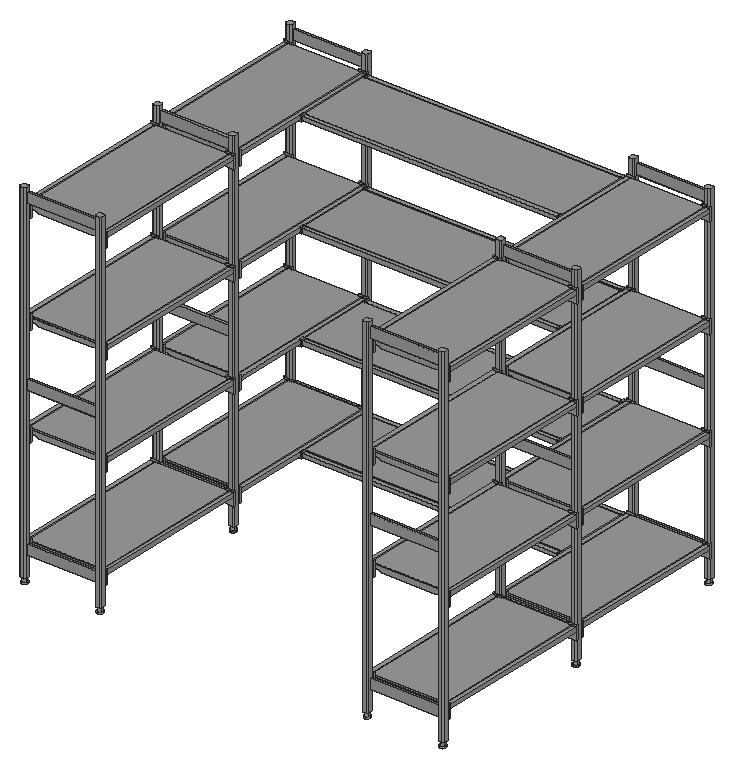
Revit family "QF_ELECTROLUXPROFESSIONAL_137096_CRS2016", category Attrezzature speciali, Revit 2020
Family settings
  Quota connettore circolare = Usa diametro
  Tipo di parte = Normale
  Basato su piano di lavoro = No
  Sempre verticale = Sì
  Taglio con vuoti quando caricato = No
  Condiviso = No
  Punto di calcolo locali = No
Parameters (values of type "Standard")
  Weight = 75.00 kg
  Watts = 0 W
  Volts = 0 V
  URL Manufacturer = "https://www.electroluxprofessional.com/"
  URL = "https://www.electroluxprofessional.com/"
  Steam Supply Size = 0 mm
  Steam Supply Minimum Pressure = 0.0 Pa
  Steam Supply Maximum Pressure = 0.0 Pa
  Steam Consumption per Hour = 0
  Refrigeration Suction Line Size = 0 mm
  Refrigeration Liquid Line Size = 0 mm
  Refrigerant Compressor Remote = yes
  Prospetto di default = 0 mm
  Produttore = "Electrolux Professional"
  Phase = 0
  Modello = "CRS2016"
  Length Actual = 708 mm  # constant formula
  Item Number = "137096"
  Hot Water Size = 0 mm
  Height Actual = 1550 mm  # constant formula
  HP = "0 HP"
  Gas Size = 0 mm
  Gas KW = 0
  Gas Input Pressure = 0 W
  Direct Waste Size = 0 mm
  Descrizione = "ALUM.SHELV.,POLY.TIERS-COLDROOM 203X163"
  Depth Actual = 373 mm  # constant formula
  Cycle = 0 Hz
  Condensate Return Size = 0 mm
  Compressed Air Volume = 0.0 L/s
  Compressed Air Size = 0 mm
  Compressed Air Pressure = 0.0 Pa
  Cold Water Size = 0 mm
  Accessory = yes
Reference planes
  plane 1 "Center (Front/Back)": y = 0
  plane 2: z = 0
  plane 3 "Center (Left/Right)": x = 0
  plane 4: x = -1015
  plane 5: y = 815
  plane 6: y = -815
  plane 7: x = 1015
  plane 8: x = -953
  plane 9: x = 953
  plane 10: y = 758
  plane 11: y = -758
Forms (mm)
  Extrusion 1, solid, material "QF_Clearances", detail levels coarse
    sketch origin (0, 0, 0) x (1, 0, 0) y (0, 1, 0)
      loop
        line (-1015, -815) -> (1015, -815) -> (1015, 815) -> (-1015, 815) -> (-1015, -815)
      loop
        line (953, -758) -> (953, 758) -> (-953, 758) -> (-953, -758) -> (953, -758)
    from 0 to 1590
Lines and regions (mm)
  symbolic lines, style "QF_Clearances"
    curve 1: line (-1015, 815, 0) -> (-1015, -815, 0)
    curve 2: line (1015, 815, 0) -> (-1015, 815, 0)
    curve 3: line (1015, -815, 0) -> (1015, 815, 0)
Dimensions and locks
  equal spacing: plane 5, plane 1 "Center (Front/Back)", plane 6
  plane 5 to plane 6 = 1630 mm
  equal spacing: plane 4, plane 3 "Center (Left/Right)", plane 7
  plane 4 to plane 7 = 2030 mm
  plane 4 to plane 8 = 62 mm
  plane 8 to plane 9 = 1906 mm
  plane 11 to plane 6 = 57 mm
  plane 10 to plane 11 = 1516 mm
  aligned and locked: level to plane 2
  aligned and locked: plane 4 to Extrusion 1 sketch curve
  aligned and locked: Extrusion 1 sketch curve to plane 5
  aligned and locked: Extrusion 1 sketch curve to plane 7
  aligned and locked: Extrusion 1 sketch curve to plane 8
  aligned and locked: plane 10 to Extrusion 1 sketch curve
  aligned and locked: plane 9 to Extrusion 1 sketch curve
  aligned and locked: Extrusion 1 sketch curve to plane 11
  aligned and locked: Extrusion 1 sketch curve to plane 6
Automatic sketch dimensions
  curve 1 to plane 4 = 0 mm
  curve 2 to plane 5 = 0 mm
  curve 2 to plane 7 = 0 mm
  curve 1 to plane 6 = 0 mm
  curve 3 to plane 6 = 0 mm
Nested families
  nested 1: "QF_708" at (-930, 403, 0) x (0, 1, 0) z (0, 0, 1), type "QF_708"
  nested 2: "QF_708" at (-930, -341, 0) x (0, 1, 0) z (0, 0, 1), type "QF_708"
  nested 3: "QF_708" at (930, 403, 0) x (0, 1, 0) z (0, 0, 1), type "QF_708"
  nested 4: "QF_708" at (930, -341, 0) x (0, 1, 0) z (0, 0, 1), type "QF_708"
  nested 5: "QF_1152G2" at (-58.5, 505.696, 0) x (0, -1, 0) z (0, 0, 1), type "QF_1152G2"
Definition of nested family "QF_708"
  Parameters
    Default Elevation = 0 mm
    Model = "137010"
    Manufacturer = "Electrolux Professional"
    Description = ""
  Reference planes
    plane 1: z = 0
    plane 2 "Center (Left/Right)": x = -31
    plane 3 "LEFT": x = -417
    plane 4 "RIGHT": x = 355
    plane 5 "BACK": y = 23
    plane 6 "FRONT": y = -350
    plane 7 "TOP": z = 1700
    plane 8: x = 350
    plane 9: x = -385
    plane 10: x = 323
    plane 11 "Center (Front/Back)": y = -163.5
    plane 12: x = 318
    plane 13: y = -8.5
    plane 14: y = -318.5
    plane 15 "FEET": z = 25
    plane 16: z = 140
    plane 17: z = 590
    plane 18: z = 1040
    plane 19: z = 1490
    plane 20 "CXLeft": x = -403
    plane 21 "CXRight": x = 341
    plane 22: y = 5.5
    plane 23 "CYBack": y = 5.5
    plane 24 "CYFront": y = -332.5
  Forms (mm)
    Extrusion 1, solid
      sketch origin (-417, 0, 0) x (0, 1, 0) y (0, 0, 1)
        loop
          line (4, 1515.994) -> (4, 1497.998) -> (23, 1497.998) -> (23, 1515.994) -> (4, 1515.994)
        loop
          line (-331, 1515.994) -> (-350, 1515.994) -> (-350, 1497.998) -> (-331, 1497.998) -> (-331, 1515.994)
        loop
          line (4, 1065.994) -> (4, 1047.998) -> (23, 1047.998) -> (23, 1065.994) -> (4, 1065.994)
        loop
          line (-331, 1065.994) -> (-350, 1065.994) -> (-350, 1047.998) -> (-331, 1047.998) -> (-331, 1065.994)
        loop
          line (4, 615.994) -> (4, 597.998) -> (23, 597.998) -> (23, 615.994) -> (4, 615.994)
        loop
          line (-331, 615.994) -> (-350, 615.994) -> (-350, 597.998) -> (-331, 597.998) -> (-331, 615.994)
        loop
          line (4, 165.994) -> (4, 147.998) -> (23, 147.998) -> (23, 165.994) -> (4, 165.994)
        loop
          line (-331, 165.994) -> (-350, 165.994) -> (-350, 147.998) -> (-331, 147.998) -> (-331, 165.994)
      from 32 to 740
    Extrusion 2, solid
      sketch origin (-417, 0, 135) x (0, 1, 0) y (0, 0, 1)
        loop
          line (2.007, 1380.994) -> (-329, 1380.994) -> (-329, 1374.496) -> (2.007, 1374.496) -> (2.007, 1380.994)
        loop
          line (2.007, 930.994) -> (-329, 930.994) -> (-329, 924.496) -> (2.007, 924.496) -> (2.007, 930.994)
        loop
          line (2.007, 480.994) -> (-329, 480.994) -> (-329, 474.496) -> (2.007, 474.496) -> (2.007, 480.994)
        loop
          line (2.007, 30.994) -> (-329, 30.994) -> (-329, 24.496) -> (2.007, 24.496) -> (2.007, 30.994)
      from 32 to 740
    Extrusion 3, solid
      sketch origin (355, 0, 135) x (0, 1, 0) y (0, 0, 1)
        loop
          line (-12, 1362.998) -> (4, 1362.998) -> (4, 1380.994) -> (2.007, 1380.994) -> (2.007, 1374.496) -> (-329, 1374.496) -> (-329, 1380.994) -> (-331, 1380.994) -> (-331, 1362.998) -> (-315, 1362.998) -> (-281, 1350.994) -> (-46, 1350.994) -> (-12, 1362.998)
        loop
          line (-12, 912.998) -> (4, 912.998) -> (4, 930.994) -> (2.007, 930.994) -> (2.007, 924.496) -> (-329, 924.496) -> (-329, 930.994) -> (-331, 930.994) -> (-331, 912.998) -> (-315, 912.998) -> (-281, 900.994) -> (-46, 900.994) -> (-12, 912.998)
        loop
          line (-12, 462.998) -> (4, 462.998) -> (4, 480.994) -> (2.007, 480.994) -> (2.007, 474.496) -> (-329, 474.496) -> (-329, 480.994) -> (-331, 480.994) -> (-331, 462.998) -> (-315, 462.998) -> (-281, 450.994) -> (-46, 450.994) -> (-12, 462.998)
        loop
          line (-12, 12.998) -> (4, 12.998) -> (4, 30.994) -> (2.007, 30.994) -> (2.007, 24.496) -> (-329, 24.496) -> (-329, 30.994) -> (-331, 30.994) -> (-331, 12.998) -> (-315, 12.998) -> (-281, 0.994) -> (-46, 0.994) -> (-12, 12.998)
      from -32 to -37
  Lines and regions (mm)
    symbolic lines
      curve 1: line (323, 4, 1700) -> (-385, 4, 1700)
      curve 2: line (-389, 23, 1700) -> (327, 23, 1700)
      curve 3: line (327, 13.246, 1700) -> (333.254, 19.5, 1700)
      curve 4: line (333.254, -8.5, 1700) -> (327, -2.246, 1700)
      curve 5: line (333.254, -318.5, 1700) -> (327, -324.754, 1700)
      curve 6: line (-389, -350, 1700) -> (327, -350, 1700)
      curve 7: line (327, 23, 1700) -> (327, -12.993, 1700)
      curve 8: line (327, -12.993, 1700) -> (323, -12.993, 1700)
      curve 9: line (327, -350, 1700) -> (327, -314.007, 1700)
      curve 10: line (327, -314.007, 1700) -> (323, -314.007, 1700)
      curve 11: line (-385, -12.993, 1700) -> (-385, -314.007, 1700)
      curve 12: line (-385, -331, 1700) -> (323, -331, 1700)
      curve 13: line (323, -12.993, 1700) -> (323, -314.007, 1700)
  Dimensions and locks
    locked: plane 3 "LEFT" to plane 4 "RIGHT" at 772
    equal spacing: plane 3 "LEFT", plane 2 "Center (Left/Right)", plane 4 "RIGHT"
    locked: plane 7 "TOP" to level at 1700
    locked: plane 5 "BACK" to plane 6 "FRONT" at 373
    locked: plane 4 "RIGHT" to plane 8 at 5
    locked: plane 9 to plane 10 at 708
    locked: plane 3 "LEFT" to plane 9 at 32
    plane 12 to plane 10 = 5 mm
    locked: plane 13 to plane 14 at 310
    equal spacing: plane 13, plane 11 "Center (Front/Back)", plane 14
    equal spacing: plane 5 "BACK", plane 11 "Center (Front/Back)", plane 6 "FRONT"
    plane 15 "FEET" to level = 25 mm
    plane 7 "TOP" to plane 15 "FEET" = 1675 mm
    plane 17 to plane 16 = 450 mm
    plane 18 to plane 17 = 450 mm
    plane 19 to plane 18 = 450 mm
    locked: plane 3 "LEFT" to plane 20 "CXLeft" at 14
    locked: plane 21 "CXRight" to plane 4 "RIGHT" at 14
    locked: plane 5 "BACK" to plane 23 "CYBack" at 17.5
    locked: plane 24 "CYFront" to plane 6 "FRONT" at 17.5
    plane 16 to level = 140 mm
    plane 17 to level = 590 mm
    plane 18 to level = 1040 mm
    plane 19 to level = 1490 mm
    aligned and locked: level to plane 1
    aligned and locked: plane 9 to Extrusion 2
    aligned and locked: Extrusion 2 to plane 10
    aligned and locked: plane 9 to Extrusion 1
    aligned and locked: Extrusion 1 to plane 10
    aligned and locked: Extrusion 1 sketch curve to Extrusion 1 sketch curve  (x2)
    aligned and locked: Extrusion 3 sketch curve to Extrusion 3 sketch curve  (x3)
    aligned and locked: Extrusion 3 to plane 12
    aligned and locked: Extrusion 3 to plane 10
    aligned and locked: plane 20 "CXLeft" to nested 1
    aligned and locked: plane 21 "CXRight" to nested 2
  Automatic sketch dimensions
    Extrusion 1 sketch curve to plane 6 "FRONT" = 0 mm  (x4)
    Extrusion 1 sketch curve to plane 5 "BACK" = 0 mm  (x4)
    plane 24 "CYFront" to Extrusion 1 sketch curve = 1.5 mm  (x2)
    plane 22 to Extrusion 1 sketch curve = 1.5 mm  (x4)
    plane 16 to Extrusion 1 sketch curve = 7.998 mm  (x2)
    Extrusion 1 sketch curve to Extrusion 1 sketch curve = 17.997 mm  (x8)
    plane 17 to Extrusion 1 sketch curve = 7.998 mm  (x2)
    plane 18 to Extrusion 1 sketch curve = 7.998 mm  (x2)
    plane 19 to Extrusion 1 sketch curve = 7.998 mm  (x2)
    plane 24 "CYFront" to Extrusion 2 sketch curve = 3.5 mm  (x4)
    plane 22 to Extrusion 2 sketch curve = 3.493 mm  (x4)
    plane 16 to Extrusion 2 sketch curve = 19.496 mm
    Extrusion 2 sketch curve to Extrusion 2 sketch curve = 6.499 mm  (x4)
    plane 17 to Extrusion 2 sketch curve = 19.496 mm
    plane 18 to Extrusion 2 sketch curve = 19.496 mm
    plane 19 to Extrusion 2 sketch curve = 19.496 mm
    plane 24 "CYFront" to Extrusion 3 sketch curve = 1.5 mm  (x4)
    Extrusion 3 sketch curve to Extrusion 3 sketch curve = 2 mm
    plane 14 to Extrusion 3 sketch curve = 3.5 mm  (x4)
    Extrusion 3 sketch curve to plane 16 = 4.006 mm
    Extrusion 3 sketch curve to Extrusion 3 sketch curve = 34 mm  (x4)
    Extrusion 3 sketch curve to plane 17 = 4.006 mm
    Extrusion 3 sketch curve to plane 18 = 4.006 mm
    Extrusion 3 sketch curve to plane 19 = 4.006 mm
    Extrusion 3 sketch curve to plane 13 = 37.5 mm  (x4)
    Extrusion 3 sketch curve to plane 13 = 3.5 mm  (x4)
    plane 22 to Extrusion 3 sketch curve = 3.493 mm  (x4)
    plane 22 to Extrusion 3 sketch curve = 1.5 mm  (x4)
    plane 16 to Extrusion 3 sketch curve = 7.998 mm  (x2)
    Extrusion 3 sketch curve to Extrusion 3 sketch curve = 11.498 mm  (x4)
    Extrusion 3 sketch curve to Extrusion 3 sketch curve = 6.499 mm  (x8)
    plane 17 to Extrusion 3 sketch curve = 7.998 mm  (x2)
    plane 18 to Extrusion 3 sketch curve = 7.998 mm  (x2)
    plane 19 to Extrusion 3 sketch curve = 7.998 mm  (x2)
    curve 6 to plane 6 "FRONT" = 0 mm
    curve 12 to plane 9 = 0 mm
    curve 12 to plane 10 = 0 mm
    curve 5 to plane 14 = 0 mm
    curve 11 to plane 9 = 0 mm
    curve 8 to plane 10 = 0 mm
    curve 4 to plane 13 = 0 mm
    curve 1 to plane 9 = 0 mm
    curve 1 to plane 10 = 0 mm
    curve 2 to plane 5 "BACK" = 0 mm
    plane 14 to curve 10 = 4.493 mm
    curve 7 to plane 13 = 4.493 mm
    curve 10 to plane 10 = 4 mm
    curve 7 to plane 10 = 4 mm
    plane 24 "CYFront" to curve 12 = 1.5 mm
    curve 5 to plane 14 = 6.254 mm
    plane 14 to curve 11 = 4.493 mm
    curve 11 to plane 13 = 4.493 mm
    plane 13 to curve 4 = 6.254 mm
    plane 22 to curve 1 = 1.5 mm
    curve 3 to plane 22 = 7.746 mm
    curve 3 to plane 5 "BACK" = 3.5 mm
    curve 5 to curve 9 = 6.254 mm
    curve 3 to curve 2 = 6.254 mm
    curve 4 to curve 7 = 6.254 mm
    plane 9 to curve 2 = 4 mm
    plane 9 to curve 6 = 4 mm
  Nested families
    nested 1: "WT_Anta373B" at (0, 0, 0), type "WT_Anta373B"
    nested 2: "WT_Anta373B" at (-62, 0, 0) x (-1, 0, 0) z (0, 0, 1), type "WT_Anta373B"
  Definition of nested family "WT_Anta373B"
    Parameters
      WidthLeft = A + 64 mm  # 772 mm
      Width = 1606 mm
      Right = WidthLeft / 2  # 386 mm
      Default Elevation = 0 mm
      Left = -WidthLeft / 2  # -386 mm
      Height = 1590 mm
      FEET = 25 mm
      E = 0 mm
      Dint = Depth - 63 mm  # 310 mm
      Dext = Depth - 8 mm  # 365 mm
      Depth = 373 mm
      DX = (WidthLeft - A) / 2  # 32 mm
      B = 798 mm
      A = 708 mm
    Reference planes
      plane 1: z = 0
      plane 2 "LEFT": x = -417
      plane 3 "BACK": y = 23
      plane 4 "FRONT": y = -350
      plane 5 "TOP": z = 1590
      plane 6 "Center (Front/Back)": y = -163.5
      plane 7: y = -8.5
      plane 8: y = -318.5
      plane 9 "FEET": z = 25
      plane 10: z = 140
      plane 11: z = 590
      plane 12: z = 1040
      plane 13: z = 1490
      plane 14 "CXLeft": x = -403
      plane 15: y = 5.5
      plane 16 "CYBack": y = 5.5
      plane 17 "CYFront": y = -332.5
      plane 18: x = -385.031
      plane 19: x = -380.031
    Forms (mm)
      Extrusion 1, solid
        sketch origin (0, 0, 0) x (1, 0, 0) y (0, 1, 0)
          loop
            line (-417, 13.246) -> (-417, -2.246) -> (-410.746, -8.5) -> (-395.254, -8.5) -> (-389, -2.246) -> (-389, 13.246) -> (-395.254, 19.5) -> (-410.746, 19.5) -> (-417, 13.246)
        from 1590 to 25
      Extrusion 2, solid
        sketch origin (-417, 0, 0) x (0, 1, 0) y (0, 0, 1)
          loop
            line (23, 111.005) -> (23, 172.993) -> (-12.993, 172.993) -> (-12.993, 111.005) -> (23, 111.005)
          loop
            line (-350, 111.005) -> (-314.007, 111.005) -> (-314.007, 172.993) -> (-350, 172.993) -> (-350, 111.005)
          loop
            line (23, 561.005) -> (23, 622.993) -> (-12.993, 622.993) -> (-12.993, 561.005) -> (23, 561.005)
          loop
            line (-350, 561.005) -> (-314.007, 561.005) -> (-314.007, 622.993) -> (-350, 622.993) -> (-350, 561.005)
          loop
            line (23, 1011.005) -> (23, 1072.993) -> (-12.993, 1072.993) -> (-12.993, 1011.005) -> (23, 1011.005)
          loop
            line (-350, 1011.005) -> (-314.007, 1011.005) -> (-314.007, 1072.993) -> (-350, 1072.993) -> (-350, 1011.005)
          loop
            line (23, 1461.005) -> (23, 1522.993) -> (-12.993, 1522.993) -> (-12.993, 1461.005) -> (23, 1461.005)
          loop
            line (-350, 1461.005) -> (-314.007, 1461.005) -> (-314.007, 1522.993) -> (-350, 1522.993) -> (-350, 1461.005)
        from 28 to 32
      Revolve 3, solid
        sketch origin (-403, 0, 0) x (0, 1, 0) y (0, 0, 1)
          loop
            line (5.5, 25) -> (5.5, 0) -> (19, 0) -> (19, 5) -> (14, 5) -> (14, 25) -> (5.5, 25)
          axis (5.5, 25) -> (5.5, 0)
        angle from 0 to 360
      Extrusion 4, solid
        sketch origin (-403, 0, 0) x (0, 1, 0) y (0, 0, 1)
          loop
            line (-8.5, 777.382) -> (-8.5, 822.374) -> (-318.5, 822.374) -> (-318.5, 777.382) -> (-8.5, 777.382)
          loop
            line (-8.5, 1527.244) -> (-8.5, 1572.236) -> (-318.5, 1572.236) -> (-318.5, 1527.244) -> (-8.5, 1527.244)
        from -5 to 5
      Revolve 5, solid
        sketch origin (-403, -627, 0) x (0, -1, 0) y (0, 0, 1)
          loop
            line (-294.5, 25) -> (-294.5, 0) -> (-281, 0) -> (-281, 5) -> (-286, 5) -> (-286, 25) -> (-294.5, 25)
          axis (-294.5, 25) -> (-294.5, 0)
        angle from 0 to 360
      Extrusion 6, solid
        sketch origin (0, -627, 0) x (1, 0, 0) y (0, 1, 0)
          loop
            line (-417, 286.754) -> (-410.746, 280.5) -> (-395.254, 280.5) -> (-389, 286.754) -> (-389, 302.246) -> (-395.254, 308.5) -> (-410.746, 308.5) -> (-417, 302.246) -> (-417, 286.754)
        from 1590 to 25
      Extrusion 7, solid
        sketch origin (-417.031, -0.022, 0) x (0, 1, 0) y (0, 0, -1)
          loop
            line (-12, -1497.998) -> (-46, -1485.994) -> (-281, -1485.994) -> (-315, -1497.998) -> (-331, -1497.998) -> (-331, -1515.994) -> (-329, -1515.994) -> (-329, -1509.496) -> (2.007, -1509.496) -> (2.007, -1515.994) -> (4, -1515.994) -> (4, -1497.998) -> (-12, -1497.998)
          loop
            line (-12, -1047.998) -> (-46, -1035.994) -> (-281, -1035.994) -> (-315, -1047.998) -> (-331, -1047.998) -> (-331, -1065.994) -> (-329, -1065.994) -> (-329, -1059.496) -> (2.007, -1059.496) -> (2.007, -1065.994) -> (4, -1065.994) -> (4, -1047.998) -> (-12, -1047.998)
          loop
            line (-12, -597.998) -> (-46, -585.994) -> (-281, -585.994) -> (-315, -597.998) -> (-331, -597.998) -> (-331, -615.994) -> (-329, -615.994) -> (-329, -609.496) -> (2.007, -609.496) -> (2.007, -615.994) -> (4, -615.994) -> (4, -597.998) -> (-12, -597.998)
          loop
            line (-12, -147.998) -> (-46, -135.994) -> (-281, -135.994) -> (-315, -147.998) -> (-331, -147.998) -> (-331, -165.994) -> (-329, -165.994) -> (-329, -159.496) -> (2.007, -159.496) -> (2.007, -165.994) -> (4, -165.994) -> (4, -147.998) -> (-12, -147.998)
        from -32 to -37
      Extrusion 8, solid
        sketch origin (-403, 0, -659.878) x (0, 1, 0) y (0, 0, 1)
          loop
            line (-8.5, 777.382) -> (-8.5, 822.374) -> (-318.5, 822.374) -> (-318.5, 777.382) -> (-8.5, 777.382)
          loop
            line (-8.5, 1437.382) -> (-8.5, 1482.374) -> (-318.5, 1482.374) -> (-318.5, 1437.382) -> (-8.5, 1437.382)
          loop
            line (-8.5, 2187.382) -> (-8.5, 2232.374) -> (-318.5, 2232.374) -> (-318.5, 2187.382) -> (-8.5, 2187.382)
        from -5 to 5
    Lines and regions (mm)
      symbolic lines
        curve 1: line (-408, -8.5, 1590) -> (-408, -318.5, 1590)
        curve 2: line (-398, -318.5, 1590) -> (-398, -8.5, 1590)
        curve 3: line (-395.254, -8.5, 1590) -> (-410.746, -8.5, 1590)
        curve 4: line (-417, -2.246, 1590) -> (-410.746, -8.5, 1590)
        curve 5: line (-417, 13.246, 1590) -> (-417, -2.246, 1590)
        curve 6: line (-410.746, 19.5, 1590) -> (-417, 13.246, 1590)
        curve 7: line (-395.254, 19.5, 1590) -> (-410.746, 19.5, 1590)
        curve 8: line (-389, 13.246, 1590) -> (-395.254, 19.5, 1590)
        curve 9: line (-395.254, -8.5, 1590) -> (-389, -2.246, 1590)
        curve 10: line (-395.254, -318.5, 1590) -> (-410.746, -318.5, 1590)
        curve 11: line (-417, -324.754, 1590) -> (-410.746, -318.5, 1590)
        curve 12: line (-410.746, -346.5, 1590) -> (-417, -340.246, 1590)
        curve 13: line (-395.254, -346.5, 1590) -> (-410.746, -346.5, 1590)
        curve 14: line (-389, -340.246, 1590) -> (-395.254, -346.5, 1590)
        curve 15: line (-395.254, -318.5, 1590) -> (-389, -324.754, 1590)
        curve 16: line (-389, -350, 1590) -> (-389, -314.007, 1590)
        curve 17: line (-389, -314.007, 1590) -> (-385, -314.007, 1590)
        curve 18: line (-389, 23, 1590) -> (-389, -12.993, 1590)
        curve 19: line (-389, -12.993, 1590) -> (-385, -12.993, 1590)
        curve 20: line (-417, -324.754, 1590) -> (-417, -340.246, 1590)
        curve 21: line (-385, -350, 1590) -> (-385, -314.007, 1590)
        curve 22: line (-385, -350, 1590) -> (-389, -350, 1590)
        curve 23: line (-385, 23, 1590) -> (-389, 23, 1590)
        curve 24: line (-385, -12.993, 1590) -> (-385, 23, 1590)
        curve 25: line (-385.031, -13.016, 1725) -> (-385.031, -314.029, 1725)
    Dimensions and locks
      "Depth": plane 3 "BACK" to plane 4 "FRONT"
      "Dint": plane 7 to plane 8
      equal spacing: plane 7, plane 6 "Center (Front/Back)", plane 8
      equal spacing: plane 3 "BACK", plane 6 "Center (Front/Back)", plane 4 "FRONT"
      plane 9 "FEET" to level = 25 mm
      plane 10 to plane 9 "FEET" = 115 mm
      plane 11 to plane 10 = 450 mm
      plane 12 to plane 11 = 450 mm
      plane 13 to plane 12 = 450 mm
      locked: plane 2 "LEFT" to plane 14 "CXLeft" at 14
      locked: plane 3 "BACK" to plane 16 "CYBack" at 17.5
      locked: plane 17 "CYFront" to plane 4 "FRONT" at 17.5
      locked: Revolve 3 sketch curve to Revolve 3 sketch curve at 8.5
      locked: Revolve 3 sketch curve to plane 16 "CYBack" at 13.5
      locked: Revolve 5 sketch curve to Revolve 5 sketch curve at 8.5
      plane 10 to level = 140 mm
      plane 11 to level = 590 mm
      plane 12 to level = 1040 mm
      plane 13 to level = 1490 mm
      "Height": plane 5 "TOP" to level
      aligned and locked: level to plane 1
      aligned and locked: curve 20 to Extrusion 6
      aligned and locked: plane 5 "TOP" to Extrusion 1
      aligned and locked: plane 5 "TOP" to Extrusion 6
      aligned and locked: Extrusion 7 sketch curve to Extrusion 7 sketch curve  (x3)
    Automatic sketch dimensions
      curve 16 to plane 4 "FRONT" = 0 mm
      curve 11 to plane 8 = 0 mm
      curve 9 to plane 7 = 0 mm
      curve 5 to plane 2 "LEFT" = 0 mm
      curve 23 to plane 3 "BACK" = 0 mm
      plane 4 "FRONT" to curve 13 = 3.5 mm
      curve 20 to plane 17 "CYFront" = 7.746 mm
      curve 20 to plane 8 = 6.254 mm
      plane 8 to curve 16 = 4.493 mm
      curve 24 to plane 18 = 0.031 mm
      curve 24 to plane 7 = 4.493 mm
      plane 7 to curve 5 = 6.254 mm
      curve 5 to plane 15 = 7.746 mm
      curve 6 to plane 3 "BACK" = 3.5 mm
      curve 21 to plane 18 = 0.031 mm
      plane 18 to curve 23 = 3.969 mm
      plane 18 to curve 16 = 3.969 mm
      curve 18 to curve 8 = 6.254 mm
      curve 18 to curve 3 = 6.254 mm
      curve 16 to curve 13 = 6.254 mm
      curve 16 to curve 15 = 6.254 mm
      plane 2 "LEFT" to curve 10 = 6.254 mm
      plane 2 "LEFT" to curve 7 = 6.254 mm
      plane 2 "LEFT" to curve 12 = 6.254 mm
      plane 2 "LEFT" to curve 3 = 6.254 mm
      curve 14 to plane 17 "CYFront" = 7.746 mm
      curve 15 to plane 8 = 6.254 mm
      plane 7 to curve 9 = 6.254 mm
      curve 8 to plane 15 = 7.746 mm
      curve 3 to curve 2 = 2.746 mm
      curve 1 to curve 10 = 2.746 mm
      Extrusion 1 sketch curve to plane 2 "LEFT" = 0 mm
      Extrusion 1 sketch curve to plane 7 = 0 mm
      plane 2 "LEFT" to Extrusion 1 sketch curve = 6.254 mm  (x2)
      plane 14 "CXLeft" to Extrusion 1 sketch curve = 7.746 mm  (x2)
      Extrusion 1 sketch curve to plane 3 "BACK" = 3.5 mm
      plane 18 to Extrusion 1 sketch curve = 3.969 mm
      plane 7 to Extrusion 1 sketch curve = 6.254 mm  (x2)
      Extrusion 1 sketch curve to plane 15 = 7.746 mm  (x2)
      Extrusion 2 sketch curve to plane 4 "FRONT" = 0 mm  (x4)
      Extrusion 2 sketch curve to plane 3 "BACK" = 0 mm  (x4)
      plane 8 to Extrusion 2 sketch curve = 4.493 mm  (x4)
      Extrusion 2 sketch curve to plane 7 = 4.493 mm  (x4)
      Extrusion 2 sketch curve to plane 10 = 28.995 mm  (x2)
      plane 10 to Extrusion 2 sketch curve = 32.993 mm  (x2)
      Extrusion 2 sketch curve to plane 11 = 28.995 mm  (x2)
      plane 11 to Extrusion 2 sketch curve = 32.993 mm  (x2)
      Extrusion 2 sketch curve to plane 12 = 28.995 mm  (x2)
      plane 12 to Extrusion 2 sketch curve = 32.993 mm  (x2)
      Extrusion 2 sketch curve to plane 13 = 28.995 mm  (x2)
      plane 13 to Extrusion 2 sketch curve = 32.993 mm  (x2)
      Revolve 3 sketch curve to plane 9 "FEET" = 0 mm  (x2)
      Revolve 3 sketch curve to plane 15 = 0 mm  (x2)
      Revolve 3 sketch curve to level = 0 mm
      level to Revolve 3 sketch curve = 5 mm
      Revolve 3 sketch curve to Revolve 3 sketch curve = 11.655 mm
      Extrusion 4 sketch curve to plane 8 = 0 mm  (x2)
      Extrusion 4 sketch curve to plane 7 = 0 mm  (x2)
      plane 11 to Extrusion 4 sketch curve = 187.382 mm
      Extrusion 4 sketch curve to Extrusion 4 sketch curve = 44.992 mm
      plane 13 to Extrusion 4 sketch curve = 37.244 mm
      Extrusion 4 sketch curve to plane 5 "TOP" = 17.764 mm
      Revolve 5 sketch curve to plane 9 "FEET" = 0 mm  (x2)
      Revolve 5 sketch curve to plane 17 "CYFront" = 0 mm  (x2)
      Revolve 5 sketch curve to level = 0 mm
      Revolve 5 sketch curve to plane 4 "FRONT" = 4 mm
      Revolve 5 sketch curve to Revolve 5 sketch curve = 5 mm
      level to Revolve 5 sketch curve = 11.655 mm
      Extrusion 6 sketch curve to plane 2 "LEFT" = 0 mm
      Extrusion 6 sketch curve to plane 8 = 0 mm
      Extrusion 6 sketch curve to plane 2 "LEFT" = 6.254 mm  (x2)
      Extrusion 6 sketch curve to plane 14 "CXLeft" = 7.746 mm  (x2)
      Extrusion 6 sketch curve to plane 4 "FRONT" = 3.5 mm
      Extrusion 6 sketch curve to plane 18 = 3.969 mm
      plane 8 to Extrusion 6 sketch curve = 6.254 mm  (x2)
      plane 17 "CYFront" to Extrusion 6 sketch curve = 7.746 mm  (x2)
      plane 17 "CYFront" to Extrusion 7 sketch curve = 1.478 mm  (x4)
      Extrusion 7 sketch curve to Extrusion 7 sketch curve = 2 mm
      plane 8 to Extrusion 7 sketch curve = 3.478 mm  (x4)
      Extrusion 7 sketch curve to plane 10 = 4.006 mm
      Extrusion 7 sketch curve to Extrusion 7 sketch curve = 34 mm  (x4)
      Extrusion 7 sketch curve to plane 11 = 4.006 mm
      Extrusion 7 sketch curve to plane 12 = 4.006 mm
      Extrusion 7 sketch curve to plane 13 = 4.006 mm
      Extrusion 7 sketch curve to plane 7 = 37.522 mm  (x4)
      Extrusion 7 sketch curve to plane 7 = 3.522 mm  (x4)
      plane 15 to Extrusion 7 sketch curve = 3.516 mm  (x4)
      plane 15 to Extrusion 7 sketch curve = 1.522 mm  (x4)
      plane 13 to Extrusion 7 sketch curve = 7.998 mm  (x2)
      Extrusion 7 sketch curve to Extrusion 7 sketch curve = 11.498 mm
      Extrusion 7 sketch curve to Extrusion 7 sketch curve = 6.499 mm  (x5)
      plane 12 to Extrusion 7 sketch curve = 25.994 mm  (x2)
      plane 12 to Extrusion 7 sketch curve = 7.998 mm  (x2)
      plane 11 to Extrusion 7 sketch curve = 25.994 mm  (x2)
      plane 11 to Extrusion 7 sketch curve = 7.998 mm  (x2)
      plane 10 to Extrusion 7 sketch curve = 25.994 mm  (x2)
      plane 10 to Extrusion 7 sketch curve = 7.998 mm  (x2)
      curve 25 to plane 18 = 0 mm
      plane 8 to curve 25 = 4.471 mm
      curve 25 to plane 7 = 4.516 mm
      Extrusion 8 sketch curve to plane 8 = 0 mm  (x3)
      Extrusion 8 sketch curve to plane 7 = 0 mm  (x3)
      Extrusion 8 sketch curve to plane 10 = 22.496 mm
      plane 10 to Extrusion 8 sketch curve = 22.496 mm
      plane 11 to Extrusion 8 sketch curve = 187.504 mm
      Extrusion 8 sketch curve to Extrusion 8 sketch curve = 44.992 mm
      plane 13 to Extrusion 8 sketch curve = 37.504 mm
      Extrusion 8 sketch curve to plane 5 "TOP" = 17.504 mm
Definition of nested family "QF_1152G2"
  Parameters
    Default Elevation = 0 mm
    Model = "137035"
    Manufacturer = "Electrolux Professional"
    Description = ""
  Reference planes
    plane 1: z = 0
    plane 2 "Center (F/B)": y = -163.5
    plane 3 "Front": y = -549.5
    plane 4 "Left": x = -217.5
    plane 5 "Right": x = 155.5
    plane 6 "TOP": z = 1700
    plane 7: y = -517.5
    plane 8: y = 634.5
    plane 9 "Center (Left/Right)": x = -31
    plane 10: y = 629.5
    plane 11: x = -186
    plane 12: x = 124
    plane 13 "FEET": z = 25
    plane 14: z = 140
    plane 15: z = 590
    plane 16: z = 1040
    plane 17: z = 1490
    plane 18 "CXLeft": y = -535.5
    plane 19: x = -200
    plane 20 "CYBack": x = -200
    plane 21 "CYFront": x = 138
    plane 22 "Back": y = 638.5
    plane 23 "LEFT_ORIGIN": x = -251.5
    plane 24 "BACK_Origin": y = 1011.5
  Forms (mm)
    Extrusion 1, solid
      sketch origin (0, -549.5, 0) x (-1, 0, 0) y (0, 0, 1)
        loop
          line (198.5, 1515.994) -> (198.5, 1497.998) -> (217.5, 1497.998) -> (217.5, 1515.994) -> (198.5, 1515.994)
        loop
          line (-136.5, 1515.994) -> (-155.5, 1515.994) -> (-155.5, 1497.998) -> (-136.5, 1497.998) -> (-136.5, 1515.994)
        loop
          line (198.5, 1065.994) -> (198.5, 1047.998) -> (217.5, 1047.998) -> (217.5, 1065.994) -> (198.5, 1065.994)
        loop
          line (-136.5, 1065.994) -> (-155.5, 1065.994) -> (-155.5, 1047.998) -> (-136.5, 1047.998) -> (-136.5, 1065.994)
        loop
          line (198.5, 615.994) -> (198.5, 597.998) -> (217.5, 597.998) -> (217.5, 615.994) -> (198.5, 615.994)
        loop
          line (-136.5, 615.994) -> (-155.5, 615.994) -> (-155.5, 597.998) -> (-136.5, 597.998) -> (-136.5, 615.994)
        loop
          line (198.5, 165.994) -> (198.5, 147.998) -> (217.5, 147.998) -> (217.5, 165.994) -> (198.5, 165.994)
        loop
          line (-136.5, 165.994) -> (-155.5, 165.994) -> (-155.5, 147.998) -> (-136.5, 147.998) -> (-136.5, 165.994)
      from 32 to 1184
    Extrusion 2, solid
      sketch origin (0, -549.5, 0) x (-1, 0, 0) y (0, 0, 1)
        loop
          line (196.507, 1515.994) -> (-134.5, 1515.994) -> (-134.5, 1509.496) -> (196.507, 1509.496) -> (196.507, 1515.994)
        loop
          line (196.507, 1065.994) -> (-134.5, 1065.994) -> (-134.5, 1059.496) -> (196.507, 1059.496) -> (196.507, 1065.994)
        loop
          line (196.507, 615.994) -> (-134.5, 615.994) -> (-134.5, 609.496) -> (196.507, 609.496) -> (196.507, 615.994)
        loop
          line (196.507, 165.994) -> (-134.5, 165.994) -> (-134.5, 159.496) -> (196.507, 159.496) -> (196.507, 165.994)
      from 32 to 1184
  Lines and regions (mm)
    symbolic lines
      curve 1: line (-198.5, 634.5, 1700) -> (-198.5, -517.5, 1700)
      curve 2: line (-217.5, -521.5, 1700) -> (-217.5, 634.5, 1700)
      curve 3: line (155.5, -521.5, 1700) -> (155.5, 634.5, 1700)
      curve 4: line (-181.507, -517.5, 1700) -> (119.507, -517.5, 1700)
      curve 5: line (136.5, -517.5, 1700) -> (136.5, 634.5, 1700)
      curve 6: line (-198.5, 634.5, 1700) -> (136.5, 634.5, 1700)
  Dimensions and locks
    plane 3 "Front" to plane 2 "Center (F/B)" = 386 mm
    locked: plane 4 "Left" to plane 5 "Right" at 373
    locked: plane 7 to plane 8 at 1152
    locked: plane 3 "Front" to plane 7 at 32
    plane 10 to plane 8 = 5 mm
    locked: plane 11 to plane 12 at 310
    equal spacing: plane 11, plane 9 "Center (Left/Right)", plane 12
    equal spacing: plane 4 "Left", plane 9 "Center (Left/Right)", plane 5 "Right"
    locked: plane 3 "Front" to plane 18 "CXLeft" at 14
    locked: plane 3 "Front" to plane 22 "Back" at 1188
    plane 23 "LEFT_ORIGIN" to plane 5 "Right" = 407 mm
    locked: plane 22 "Back" to plane 24 "BACK_Origin" at 373
    plane 14 to level = 140 mm
    plane 15 to level = 590 mm
    plane 16 to level = 1040 mm
    locked: plane 6 "TOP" to level at 1700
    plane 17 to level = 1490 mm
    plane 13 "FEET" to level = 25 mm
    aligned and locked: level to plane 1
    aligned and locked: Extrusion 2 to plane 7
    aligned and locked: plane 8 to Extrusion 2
    aligned and locked: Extrusion 1 to plane 7
    aligned and locked: plane 8 to Extrusion 1
    aligned and locked: Extrusion 1 sketch curve to Extrusion 1 sketch curve  (x2)
    aligned and locked: nested 1 to plane 10
  Automatic sketch dimensions
    curve 2 to plane 4 "Left" = 0 mm
    curve 3 to plane 5 "Right" = 0 mm
    plane 7 to curve 1 = 0 mm
    plane 7 to curve 4 = 0 mm
    plane 7 to curve 5 = 0 mm
    plane 8 to curve 2 = 0 mm
    plane 8 to curve 1 = 0 mm
    plane 8 to curve 3 = 0 mm
    plane 21 "CYFront" to curve 5 = 1.5 mm
    plane 19 to curve 6 = 1.5 mm
    plane 7 to curve 3 = 4 mm
    plane 7 to curve 2 = 4 mm
    plane 12 to curve 4 = 4.493 mm
    curve 4 to plane 11 = 4.493 mm
    plane 5 "Right" to Extrusion 1 sketch curve = 0 mm  (x4)
    plane 4 "Left" to Extrusion 1 sketch curve = 0 mm  (x4)
    plane 21 "CYFront" to Extrusion 1 sketch curve = 1.5 mm  (x2)
    plane 19 to Extrusion 1 sketch curve = 1.5 mm  (x4)
    plane 14 to Extrusion 1 sketch curve = 7.998 mm  (x2)
    Extrusion 1 sketch curve to Extrusion 1 sketch curve = 17.997 mm  (x8)
    plane 15 to Extrusion 1 sketch curve = 7.998 mm  (x2)
    plane 16 to Extrusion 1 sketch curve = 7.998 mm  (x2)
    plane 17 to Extrusion 1 sketch curve = 7.998 mm  (x2)
    plane 21 "CYFront" to Extrusion 2 sketch curve = 3.5 mm  (x4)
    plane 19 to Extrusion 2 sketch curve = 3.493 mm  (x4)
    plane 14 to Extrusion 2 sketch curve = 19.496 mm
    Extrusion 2 sketch curve to Extrusion 2 sketch curve = 6.499 mm  (x4)
    plane 15 to Extrusion 2 sketch curve = 19.496 mm
    plane 16 to Extrusion 2 sketch curve = 19.496 mm
    plane 17 to Extrusion 2 sketch curve = 19.496 mm
  Nested families
    nested 1: "WT_Aggancio373B" at (-194.5, 1046.5, 0) x (0, 1, 0) z (0, 0, 1), type "WT_Aggancio373B"
    nested 2: "WT_Aggancio373B" at (-194.5, -929.5, 0) x (0, -1, 0) z (0, 0, 1), type "WT_Aggancio373B"
  Definition of nested family "WT_Aggancio373B"
    Parameters
      WidthLeft = A + 64 mm  # 772 mm
      Width = 1606 mm
      Right = WidthLeft / 2  # 386 mm
      Default Elevation = 0 mm
      Left = -WidthLeft / 2  # -386 mm
      Height = 1590 mm
      FEET = 25 mm
      E = 0 mm
      Dint = Depth - 63 mm  # 310 mm
      Dext = Depth - 8 mm  # 365 mm
      Depth = 373 mm
      DX = (WidthLeft - A) / 2  # 32 mm
      B = 798 mm
      A = 708 mm
    Reference planes
      plane 1: z = 0
      plane 2 "LEFT": x = -417
      plane 3 "BACK": y = 23
      plane 4 "FRONT": y = -350
      plane 5 "TOP": z = 1590
      plane 6 "Center (Front/Back)": y = -163.5
      plane 7: y = -8.5
      plane 8: y = -318.5
      plane 9 "FEET": z = 25
      plane 10: z = 140
      plane 11: z = 590
      plane 12: z = 1040
      plane 13: z = 1490
      plane 14: y = 5.5
      plane 15 "CYBack": y = 5.5
      plane 16 "CYFront": y = -332.5
    Forms (mm)
      Extrusion 1, solid
        sketch origin (-380, -0.022, 0) x (0, 1, 0) y (0, 0, 1)
          loop
            line (-12, 1497.998) -> (4, 1497.998) -> (4, 1515.994) -> (2.007, 1515.994) -> (2.007, 1509.496) -> (-329, 1509.496) -> (-329, 1515.994) -> (-331, 1515.994) -> (-331, 1497.998) -> (-315, 1497.998) -> (-281, 1485.994) -> (-46, 1485.994) -> (-12, 1497.998)
          loop
            line (-12, 1047.998) -> (4, 1047.998) -> (4, 1065.994) -> (2.007, 1065.994) -> (2.007, 1059.496) -> (-329, 1059.496) -> (-329, 1065.994) -> (-331, 1065.994) -> (-331, 1047.998) -> (-315, 1047.998) -> (-281, 1035.994) -> (-46, 1035.994) -> (-12, 1047.998)
          loop
            line (-12, 597.998) -> (4, 597.998) -> (4, 615.994) -> (2.007, 615.994) -> (2.007, 609.496) -> (-329, 609.496) -> (-329, 615.994) -> (-331, 615.994) -> (-331, 597.998) -> (-315, 597.998) -> (-281, 585.994) -> (-46, 585.994) -> (-12, 597.998)
          loop
            line (-12, 147.998) -> (4, 147.998) -> (4, 165.994) -> (2.007, 165.994) -> (2.007, 159.496) -> (-329, 159.496) -> (-329, 165.994) -> (-331, 165.994) -> (-331, 147.998) -> (-315, 147.998) -> (-281, 135.994) -> (-46, 135.994) -> (-12, 147.998)
        from -32 to -37
      Extrusion 2, solid
        sketch origin (-793.062, -324.754, 6.5) x (1, 0, 0) y (0, 0, 1)
          loop
            line (385.062, 1509.496) -> (385.062, 1512.496) -> (376.062, 1512.496) -> (376.062, 1485.994) -> (390.031, 1485.994) -> (390.031, 1491.496) -> (381.062, 1491.496) -> (381.062, 1509.496) -> (385.062, 1509.496)
          loop
            line (385.062, 1059.496) -> (385.062, 1062.496) -> (376.062, 1062.496) -> (376.062, 1035.994) -> (390.031, 1035.994) -> (390.031, 1041.496) -> (381.062, 1041.496) -> (381.062, 1059.496) -> (385.062, 1059.496)
          loop
            line (385.062, 609.496) -> (385.062, 612.496) -> (376.062, 612.496) -> (376.062, 585.994) -> (390.031, 585.994) -> (390.031, 591.496) -> (381.062, 591.496) -> (381.062, 609.496) -> (385.062, 609.496)
          loop
            line (385.062, 159.496) -> (385.062, 162.496) -> (376.062, 162.496) -> (376.062, 135.994) -> (390.031, 135.994) -> (390.031, 141.496) -> (381.062, 141.496) -> (381.062, 159.496) -> (385.062, 159.496)
        from 6.268 to 25.246
      Extrusion 3, solid
        sketch origin (-793.062, 32.754, 6.5) x (1, 0, 0) y (0, 0, 1)
          loop
            line (385.062, 1509.496) -> (385.062, 1512.496) -> (376.062, 1512.496) -> (376.062, 1485.994) -> (390.031, 1485.994) -> (390.031, 1491.496) -> (381.062, 1491.496) -> (381.062, 1509.496) -> (385.062, 1509.496)
          loop
            line (385.062, 1059.496) -> (385.062, 1062.496) -> (376.062, 1062.496) -> (376.062, 1035.994) -> (390.031, 1035.994) -> (390.031, 1041.496) -> (381.062, 1041.496) -> (381.062, 1059.496) -> (385.062, 1059.496)
          loop
            line (385.062, 609.496) -> (385.062, 612.496) -> (376.062, 612.496) -> (376.062, 585.994) -> (390.031, 585.994) -> (390.031, 591.496) -> (381.062, 591.496) -> (381.062, 609.496) -> (385.062, 609.496)
          loop
            line (385.062, 159.496) -> (385.062, 162.496) -> (376.062, 162.496) -> (376.062, 135.994) -> (390.031, 135.994) -> (390.031, 141.496) -> (381.062, 141.496) -> (381.062, 159.496) -> (385.062, 159.496)
        from 9.754 to 28.776
    Lines and regions (mm)
      symbolic lines
        curve 1: line (-412, -350, 0) -> (-408, -350, 0)
        curve 2: line (-412, -331.022, 0) -> (-412, -350, 0)
        curve 3: line (-408, -331.022, 0) -> (-412, -331.022, 0)
        curve 4: line (-408, -350, 0) -> (-408, -331.022, 0)
        curve 5: line (-412, 3.978, 0) -> (-408, 3.978, 0)
        curve 6: line (-412, 23, 0) -> (-412, 3.978, 0)
        curve 7: line (-408, 23, 0) -> (-412, 23, 0)
        curve 8: line (-408, 3.978, 0) -> (-408, 23, 0)
    Dimensions and locks
      "Height": plane 5 "TOP" to level
      "Depth": plane 3 "BACK" to plane 4 "FRONT"
      "Dint": plane 7 to plane 8
      equal spacing: plane 7, plane 6 "Center (Front/Back)", plane 8
      equal spacing: plane 3 "BACK", plane 6 "Center (Front/Back)", plane 4 "FRONT"
      plane 9 "FEET" to level = 25 mm
      plane 10 to plane 9 "FEET" = 115 mm
      locked: plane 11 to plane 10 at 450
      locked: plane 12 to plane 11 at 450
      locked: plane 13 to plane 12 at 450
      locked: plane 3 "BACK" to plane 15 "CYBack" at 17.5
      locked: plane 16 "CYFront" to plane 4 "FRONT" at 17.5
      aligned and locked: level to plane 1
      aligned and locked: Extrusion 1 sketch curve to Extrusion 1 sketch curve  (x3)
    Automatic sketch dimensions
      plane 16 "CYFront" to Extrusion 1 sketch curve = 1.478 mm  (x4)
      Extrusion 1 sketch curve to Extrusion 1 sketch curve = 2 mm
      plane 8 to Extrusion 1 sketch curve = 3.478 mm  (x4)
      Extrusion 1 sketch curve to plane 10 = 4.006 mm
      Extrusion 1 sketch curve to Extrusion 1 sketch curve = 34 mm  (x4)
      Extrusion 1 sketch curve to plane 11 = 4.006 mm
      Extrusion 1 sketch curve to plane 12 = 4.006 mm
      Extrusion 1 sketch curve to plane 13 = 4.006 mm
      Extrusion 1 sketch curve to plane 7 = 37.522 mm  (x4)
      Extrusion 1 sketch curve to plane 7 = 3.522 mm  (x4)
      plane 14 to Extrusion 1 sketch curve = 3.516 mm  (x4)
      plane 14 to Extrusion 1 sketch curve = 1.522 mm  (x4)
      plane 10 to Extrusion 1 sketch curve = 7.998 mm  (x2)
      Extrusion 1 sketch curve to Extrusion 1 sketch curve = 11.498 mm  (x4)
      Extrusion 1 sketch curve to Extrusion 1 sketch curve = 6.499 mm  (x8)
      plane 11 to Extrusion 1 sketch curve = 7.998 mm  (x2)
      plane 12 to Extrusion 1 sketch curve = 7.998 mm  (x2)
      plane 13 to Extrusion 1 sketch curve = 7.998 mm  (x2)
      plane 2 "LEFT" to Extrusion 2 sketch curve = 0 mm  (x4)
      plane 13 to Extrusion 2 sketch curve = 7.996 mm
      plane 11 to Extrusion 2 sketch curve = 7.996 mm
      Extrusion 2 sketch curve to Extrusion 2 sketch curve = 5 mm  (x4)
      plane 11 to Extrusion 2 sketch curve = 2.494 mm
      plane 10 to Extrusion 2 sketch curve = 28.996 mm
      Extrusion 2 sketch curve to Extrusion 2 sketch curve = 3 mm  (x4)
      plane 10 to Extrusion 2 sketch curve = 7.996 mm
      plane 10 to Extrusion 2 sketch curve = 2.494 mm
      Extrusion 2 sketch curve to Extrusion 2 sketch curve = 18 mm  (x3)
      plane 12 to Extrusion 2 sketch curve = 2.494 mm
      plane 12 to Extrusion 2 sketch curve = 7.996 mm
      plane 13 to Extrusion 2 sketch curve = 2.494 mm
      plane 2 "LEFT" to Extrusion 3 sketch curve = 0 mm  (x4)
      plane 13 to Extrusion 3 sketch curve = 7.996 mm
      plane 11 to Extrusion 3 sketch curve = 7.996 mm
      Extrusion 3 sketch curve to Extrusion 3 sketch curve = 5 mm  (x4)
      plane 11 to Extrusion 3 sketch curve = 2.494 mm
      plane 10 to Extrusion 3 sketch curve = 28.996 mm
      Extrusion 3 sketch curve to Extrusion 3 sketch curve = 3 mm  (x4)
      plane 10 to Extrusion 3 sketch curve = 7.996 mm
      plane 10 to Extrusion 3 sketch curve = 2.494 mm
      Extrusion 3 sketch curve to Extrusion 3 sketch curve = 18 mm  (x3)
      plane 12 to Extrusion 3 sketch curve = 2.494 mm
      plane 12 to Extrusion 3 sketch curve = 7.996 mm
      plane 13 to Extrusion 3 sketch curve = 2.494 mm
      plane 2 "LEFT" to curve 1 = 5 mm
      plane 2 "LEFT" to curve 7 = 5 mm
      curve 1 to plane 16 "CYFront" = 17.5 mm
      curve 3 to plane 8 = 12.522 mm
      plane 7 to curve 5 = 12.478 mm
      curve 7 to plane 14 = 17.5 mm
      curve 5 to curve 5 = 4 mm
      curve 1 to curve 4 = 4 mm
      Extrusion 2 sketch curve to Extrusion 2 sketch curve = 4 mm  (x4)
      Extrusion 2 sketch curve to Extrusion 2 sketch curve = 8.969 mm  (x4)
      Extrusion 3 sketch curve to Extrusion 3 sketch curve = 4 mm  (x4)
      Extrusion 3 sketch curve to Extrusion 3 sketch curve = 8.969 mm  (x4)
